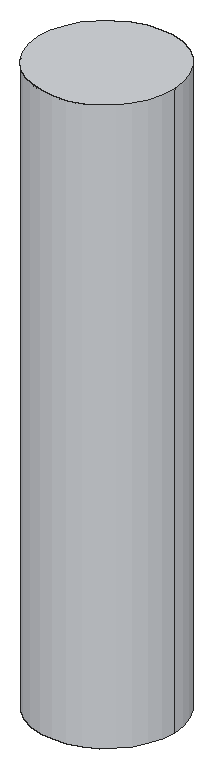
Revit family "bb2bb218b67049cd92fd30a74da6861b", category Sprinklers, Revit 2027
Family settings
  Round Connector Dimension = Use Radius
  Part Type = Normal
  Seek Item ID = Sprinkler - Upright-0000-USA-ENU
  Work Plane-Based = No
  Always vertical = Yes
  Cut with Voids When Loaded = No
  Maintain Annotation Orientation = Yes
  Shared = No
  Room Calculation Point = No
Parameters (values of type "1/2" Upright")
  Temperature Rating = 135 °F
  Symbol [instance] = Sprinkler - Symbol - Upright : Sprinkler - Symbol - Upright
  Response = Standard
  Pressure Drop [instance] = 7.00 psi
  Pressure Class = Standard
  Overall Length = 2 3/8"
  Orifice Size = 1/2"
  Orifice = Standard
  K-Factor = 5.6
  Flow [instance] = 30 GPM
  Default Elevation = 0' - 0"
  Coverage = Standard
  Nominal Diameter = Nominal Radius * 2  # 1/2"
  Nominal Radius = 1/4"
  CEL = 1/4"
Types (8): name | Symbol | Pressure Drop | Overall Length | Orifice Size | K-Factor | Flow | Nominal Diameter | Nominal Radius | CEL
  1/2" Upright | Sprinkler - Symbol - Upright : Sprinkler - Symbol - Upright | 7.00 psi | 2 3/8" | 1/2" | 5.6 | 30 GPM | 1/2" | 1/4" | 1/4"
  1/2" Upright on Sprig | Sprinkler - Symbol - Upright on Sprig : Sprinkler - Symbol - Upright on Sprig | 7.00 psi | 2 3/8" | 1/2" | 5.6 | 30 GPM | 1/2" | 1/4" | 1/4"
  1/2" Upright on Sprig with Guard | Sprinkler - Symbol - Upright on Sprig with Guard : Sprinkler - Symbol - Upright on Sprig with Guard | 7.00 psi | 2 3/8" | 1/2" | 5.6 | 30 GPM | 1/2" | 1/4" | 1/4"
  1/2" Upright with Guard | Sprinkler - Symbol - Upright with Guard : Sprinkler - Symbol - Upright with Guard | 7.00 psi | 2 3/8" | 1/2" | 5.6 | 30 GPM | 1/2" | 1/4" | 1/4"
  3/4" Upright | Sprinkler - Symbol - Upright : Sprinkler - Symbol - Upright | 14.00 psi | 2 1/2" | 17/32" | 8 | 43 GPM | 3/4" | 3/8" | 3/8"
  3/4" Upright on Sprig | Sprinkler - Symbol - Upright on Sprig : Sprinkler - Symbol - Upright on Sprig | 14.00 psi | 2 1/2" | 17/32" | 8 | 43 GPM | 3/4" | 3/8" | 3/8"
  3/4" Upright on Sprig with Guard | Sprinkler - Symbol - Upright on Sprig with Guard : Sprinkler - Symbol - Upright on Sprig with Guard | 14.00 psi | 2 1/2" | 17/32" | 8 | 43 GPM | 3/4" | 3/8" | 3/8"
  3/4" Upright with Guard | Sprinkler - Symbol - Upright with Guard : Sprinkler - Symbol - Upright with Guard | 14.00 psi | 2 1/2" | 17/32" | 8 | 43 GPM | 3/4" | 3/8" | 3/8"
Reference planes (in)
  plane 1 "Center (Front/Back)": y = 0
  plane 2: z = 0
  plane 3 "Center (Left/Right)": x = 0
  plane 4: z = 2.125
  plane 5: z = -0.25
Forms (in)
  Extrusion 1, solid
    sketch origin (0, 0, 0) x (1, 0, 0) y (0, 1, 0)
      loop
        circle (0, 0) r 0.25
    from 0 to 2.125
Dimensions and locks (in)
  "Overall Length": plane 4 to plane 5
  "CEL": level to plane 5
  "Nominal Radius": radius of Extrusion 1 sketch curve
  aligned and locked: plane 4 to Extrusion 1
  aligned and locked: Extrusion 1 to level
Automatic sketch dimensions
  Extrusion 1 sketch curve to plane 1 "Center (Front/Back)" = 0' - 0"
  Extrusion 1 sketch curve to plane 3 "Center (Left/Right)" = 0' - 0"
Nested families (in)
  nested 1: "Sprinkler - Symbol - Upright" at (0, 0, 0), type <- "Symbol", type "Sprinkler - Symbol - Upright"
Connectors (in)
  piping at (0, 0, 0), diameter 0.5, driven by "Nominal Radius", driven by "Flow", driven by "Pressure Drop"
    settings: on Extrusion 1, index 1, connector inside diameter 1/2", connector length 0' - 0", flow factor 0, pipe flow 30 GPM, pressure drop 7.00 psi, fitting loss kfactor 0, connector angle 0.00°, fixture units 0, engagement length 0' - 0", angle of deflection 0.00°, flow configuration 1, flow direction 1, fitting loss method 4, system type 23, joint type 0, gender type 0, connector reference index -1, connector utility 0, adjustable connector no, is connector primary yes, connector description "In"
Definition of nested family "Sprinkler - Symbol - Upright"
  Parameters
    Symbol Radius = 0.5 * Symbol Diameter  # 0' - 0 1/16"
    Symbol Diameter = 0' - 0 1/8"
  Reference planes (in)
    plane 1: y = 0
    plane 2: x = 0
  Lines and regions (in)
    detail lines
      curve 1: circle (0, 0, 0) r 0.0625 normal (0, 0, 1)
  Dimensions and locks (in)
    "Symbol Radius": radius of curve 1
  Automatic sketch dimensions
    curve 1 to plane 1 = 0' - 0"
    curve 1 to plane 2 = 0' - 0"
